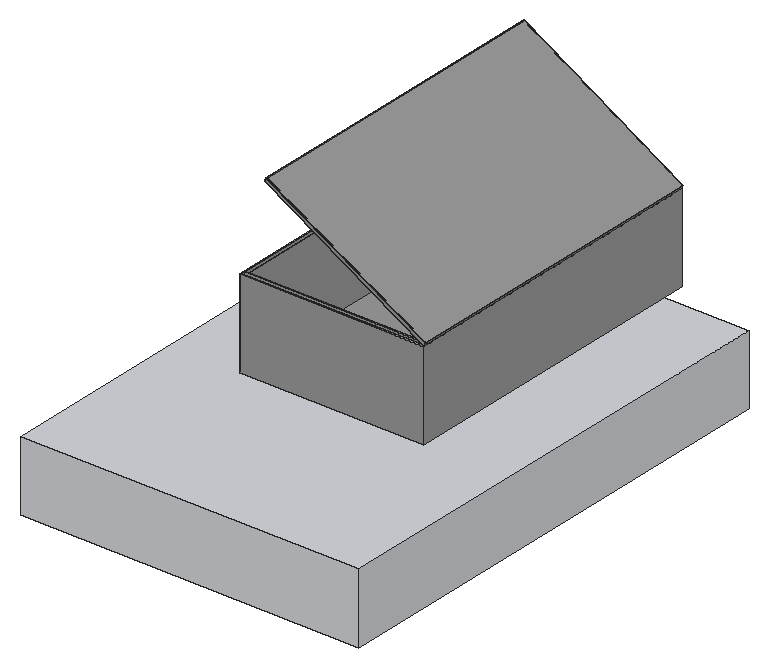
Revit family "Hager-Univers-IP55-D400-H1400-Cl.II-Steel_encl-PT-pt", category Equipement électrique, Revit 2020
Family settings
  Hôte = Face
  Configuration du panneau = Deux colonnes, circuits au sein
  Cote de connecteur circulaire = Utiliser le diamètre
  Type d'élément = Tableau de raccordement
  Couper avec des vides une fois chargée = Non
  Partagée = Non
  Point de calcul de pièce = Non
Parameters (values of type "Montagem em superfície (gesso) IP55 L800 A1400 P400  - FR93H")
  Width Control [instance] = if([EF000008 - Largura] > Min Width, [EF000008 - Largura], Min Width)  # 800 mm
  Commentaires du type = [HG000003 - Gama]  # "Univers"
  Thickness Door [instance] = if([EF009171 - Espessura do material da porta/tampa] > 3 mm, 3 mm, [EF009171 - Espessura do material da porta/tampa])  # 1.5 mm
  Seal Frame Offset [instance] = 17 mm  # constant formula
  Plinth Visibility [instance] = [HG000027 - Altura da Plinta] > 0 mm  # no
  Model = ""
  Min Width [instance] = 100 mm  # constant formula
  Min Height [instance] = 100 mm  # constant formula
  Min Depth [instance] = (2 * [EF009170 - Espessura do material do invólucro]) + 1 mm  # 4 mm
  Internal Frame Depth [instance] = (Door System Depth * 0.5)  # 9 mm
  Height Control [instance] = if([EF000040 - Altura] > Min Height, [EF000040 - Altura], Min Height)  # 1400 mm
  HG000027 - Altura da Plinta = 0 mm
  HG000026 - Instalação no chão = no
  HG000024 - Altura da secção inferior = 800 mm
  HG000023 - Recinto de secção dupla = no
  HG000016 - Visibilidade da porta 3D [instance] = yes
  HG000015 - Visibilidade através da porta [instance] = no
  HG000014 - Porta à direita [instance] = yes
  HG000013 - Porta à esquerda [instance] = not([HG000014 - Porta à direita])  # no
  HG000012 - Ângulo de abertura de porta [instance] = 30.00°
  HG000010 - Portas assimétricas = no
  HG000009 - Porta dupla = no
  HG000006 - Encastrado = no
  HG000004 - Referência do Fabricante = "FR93H"
  HG000003 - Gama = "Univers"
  HG000002 - Com porta ou tampa = yes
  Frame Offset Bottom [instance] = 10 mm  # constant formula
  Frame Offset [instance] = 15 mm  # constant formula
  EF015940 - Tampa com libertação de sobrepressão = no
  EF011959 - Grau de proteção (NEMA) = ""
  EF009554 - Número de aberturas para placas de flange = 6
  Fabricant = "Hager"  # constant formula
  EF009212 - Tipo de tampa = "EV000116 - Fechado"
  EF009171 - Espessura do material da porta/tampa = 1.5 mm
  EF009170 - Espessura do material do invólucro = 1.5 mm
  EF008873 - Corrente nominal (In) = 800 A
  EF007800 - Adequado para proteção contra raios = no
  EF006306 - Com fecho = no
  EF006244 - Tampa/porta transparente = no
  EF005474 - Grau de proteção (IP) = "EV006420 - IP55"
  EF004464 - Tipo de porta = "EV002646 - Único"
  EF004427 - Número de módulos = 324
  EF004293 - Força de impacto = "EV008784 - IK10"
  EF003532 - Adequado para uso no exterior = no
  EF002950 - Largura em número de módulos = 24
  EF001613 - Integridade do circuito = "EV000494 - Nenhum"
  EF001596 - Material do corpo = "EV000179 - Aço"
  EF001131 - Profundidade interior = 400 mm
  EF001088 - Extensão possível = yes
  EF000437 - Número de entradas de condutores = 6
  EF000339 - Tipo de difusor = "EV004216 - Porta"
  EF000266 - Número de linhas = 9
  EF000218 - Profundidade incorporada = 0 mm
  EF000118 - Com tampa de montagem = no
  EF000116 - Número RAL = "7035"
  EF000049 - Profundidade = 400 mm
  EF000040 - Altura = 1400 mm
  EF000008 - Largura = 800 mm
  EF000007 - Cor = "EV000270 - Cinzento"
  EF000003 - Método de montagem = "EV000384 - Montagem em superfície (gesso)"
  Door System Leaf Tolerance [instance] = 1.5 mm  # constant formula
  Door System Depth [instance] = 18 mm  # constant formula
  Door Height [instance] = Height Control - [HG000027 - Altura da Plinta]  # 1400 mm
  Depth Control [instance] = if([EF000049 - Profundidade] > Min Depth, [EF000049 - Profundidade], Min Depth)  # 400 mm
  Default Elevation = 0 mm
  Connector Offset [instance] = Height Control / 2  # 700 mm
  Bottom Top Plate Trim [instance] = 1.5 mm  # constant formula
  Plinth height Ctrl [instance] = if([HG000027 - Altura da Plinta] > 0 mm, [HG000027 - Altura da Plinta], 12 mm)  # 12 mm
Types (3, lengths in mm): name | Width Control | HG000009 - Porta dupla | HG000004 - Referência do Fabricante | EF009554 - Número de aberturas para placas de flange | EF004464 - Tipo de porta | EF004427 - Número de módulos | EF000437 - Número de entradas de condutores | EF000008 - Largura
  Montagem em superfície (gesso) IP55 L1050 A1400 P400  - FR94H | 1050 | yes | "FR94H" | 8 | "EV003602 - Duplo" | 432 | 8 | 1050
  Montagem em superfície (gesso) IP55 L550 A1400 P400  - FR92H | 550 | no | "FR92H" | 4 | "EV002646 - Único" | 216 | 4 | 550
  Montagem em superfície (gesso) IP55 L800 A1400 P400  - FR93H | 800 | no | "FR93H" | 6 | "EV002646 - Único" | 324 | 6 | 800
Reference planes
  plane 1 "Center (Front/Back)": y = 0
  plane 2: z = 0
  plane 3 "Center (Left/Right)": x = 0
  plane 4: z = 400
  plane 5: y = 1.5
  plane 6: y = 700
  plane 7: y = 0
  plane 8: y = 1400
  plane 9: z = 0
  plane 10: x = -385
  plane 11: x = 385
  plane 12: x = 383.5
  plane 13: x = -383.5
  plane 14: y = 1398.5
  plane 15: x = -383
  plane 16: x = -400
  plane 17: x = 383
  plane 18: x = 400
  plane 19: x = 398.5
  plane 20: x = -398.5
  plane 21: y = 11.5
  plane 22: y = 1400
  plane 23: y = 1383.5
  plane 24: z = 382
  plane 25: z = 1.5
  plane 26: z = 380.5
  plane 27: z = 398.5
Forms (mm)
  Extrusion 1, solid
    sketch origin (0, 0, 0) x (1, 0, 0) y (0, 1, 0)
      loop
        line (-702.964, 1305) -> (-702.964, -811.445) -> (766.763, -811.445) -> (766.763, 1305) -> (-702.964, 1305)
    from 0 to -304.8
  Extrusion 2, solid, material "Hager_Steel_RAL7035_Light_Grey", visible <- "Plinth Visibility", detail levels medium+fine
    sketch origin (0, 0, 0) x (1, 0, 0) y (0, 1, 0)
      loop
        line (-400, 0) -> (400, 0) -> (400, 12) -> (-400, 12) -> (-400, 0)
    from 0 to 382
  Extrusion 3, solid, material "Hager_Steel_RAL7035_Light_Grey", detail levels medium+fine
    sketch origin (0, 0, 0) x (1, 0, 0) y (0, 1, 0)
      loop
        line (-400, 0) -> (400, 0) -> (400, 1400) -> (-400, 1400) -> (-400, 0)
    from 0 to 382
  Extrusion 4, void
    sketch origin (0, 0, 0) x (1, 0, 0) y (0, 1, 0)
      loop
        line (-398.5, 1.5) -> (398.5, 1.5) -> (398.5, 1398.5) -> (-398.5, 1398.5) -> (-398.5, 1.5)
    from 1.5 to 380.5
  Extrusion 5, void
    sketch origin (-381.607, -4572, 382) x (0, -1, 0) y (-1, 0, 0)
      loop
        line (-4583.5, 1.893) -> (-5955.5, 1.893) -> (-5955.5, -765.107) -> (-4583.5, -765.107) -> (-4583.5, 1.893)
    from 0 to 1.5 <- "EF009170 - Espessura do material do invólucro"
  Extrusion 6, solid, material "Hager_Steel_RAL7035_Light_Grey", detail levels fine
    sketch origin (0, 0, 382) x (1, 0, 0) y (0, 1, 0)
      loop
        line (-383.5, 1383.5) -> (-383.5, 11.5) -> (383.5, 11.5) -> (383.5, 1383.5) -> (-383.5, 1383.5)
      loop
        line (-385, 10) -> (385, 10) -> (385, 1385) -> (-385, 1385) -> (-385, 10)
    from 0 to 9 <- "Internal Frame Depth"
  Extrusion 7, solid, material "Hager_Steel_RAL7035_Light_Grey", detail levels coarse
    sketch origin (0, 0, 0) x (1, 0, 0) y (0, 1, 0)
      loop
        line (-400, 0) -> (400, 0) -> (400, 1400) -> (-400, 1400) -> (-400, 0)
    from 0 to 400
  Sweep 8, void
    path in 3D
      loop
        line (-400, 12, 0) -> (400, 12, 0) -> (400, 12, 382) -> (-400, 12, 382) -> (-400, 12, 0)
    profile origin (-400, 12, 191) x (-1, 0, 0) y (0, -1, 0)
      loop
        line (0, 0) -> (0, 1.5) -> (-1.5, 1.5)
        arc (-1.5, 1.5) -> (-1.061, 0.439) -> (0, 0) r 1.5
Cuts and joins
  Extrusion 4, Extrusion 5 cuts Extrusion 3
  Sweep 8 cuts Extrusion 2
Lines and regions (mm)
  Masking region 1
    outline origin (0, 0, 0) x (1, 0, 0) y (0, 0, 1)
      loop
        line (-400, 400) -> (-400, 0) -> (400, 0) -> (400, 400) -> (-400, 400)
  Masking region 2, detail levels medium+fine
    outline origin (0, 140, 0) x (0, 1, 0) y (0, 0, 1)
      loop
        line (-140, 0) -> (1260, 0) -> (1260, 382) -> (-140, 382) -> (-140, 0)
  Masking region 3, not visible, detail levels medium+fine
    outline origin (0, 297.922, 0) x (0, 1, 0) y (0, 0, 1)
      loop
        line (413.578, 0) -> (453.578, 0) -> (453.578, 388.5)
        arc (453.578, 388.5) -> (450.649, 395.571) -> (443.578, 398.5) r 10
        line (443.578, 398.5) -> (413.578, 398.5) -> (413.578, 0)
  Masking region 4, detail levels coarse
    outline origin (0, 0, 180) x (0, 1, 0) y (0, 0, 1)
      loop
        line (0, -180) -> (1400, -180) -> (1400, 220) -> (0, 220) -> (0, -180)
  Masking region 5, visible <- "Plinth Visibility", detail levels medium+fine
    outline origin (0, 52.24, 12.345) x (0, 0, -1) y (0, 1, 0)
      loop
        line (10.845, -40.24) -> (-368.155, -40.24)
        arc (-368.155, -40.24) -> (-368.594, -41.301) -> (-369.655, -41.74) r 1.5
        line (-369.655, -41.74) -> (-369.655, -52.24) -> (12.345, -52.24) -> (12.345, -41.74)
        arc (12.345, -41.74) -> (11.285, -41.301) -> (10.845, -40.24) r 1.5
  Masking region 6, detail levels medium+fine
    outline origin (-381.607, -4572, 382) x (-1, 0, 0) y (0, -1, 0)
      loop
        line (18.393, -5972) -> (18.393, -4572) -> (-781.607, -4572) -> (-781.607, -5972) -> (18.393, -5972)
  Masking region 7, visible <- "Plinth Visibility", detail levels medium+fine
    outline origin (-381.607, -4727, 382) x (-1, 0, 0) y (0, -1, 0)
      loop
        arc (16.893, -4739) -> (17.332, -4737.939) -> (18.393, -4737.5) r 1.5
        line (18.393, -4737.5) -> (18.393, -4727) -> (-781.607, -4727) -> (-781.607, -4737.5)
        arc (-781.607, -4737.5) -> (-780.546, -4737.939) -> (-780.107, -4739) r 1.5
        line (-780.107, -4739) -> (16.893, -4739)
  Masking region 8, detail levels coarse
    outline origin (-442.548, -4669.526, 382) x (-1, 0, 0) y (0, -1, 0)
      loop
        line (-42.548, -6069.526) -> (-42.548, -4669.526) -> (-842.548, -4669.526) -> (-842.548, -6069.526) -> (-42.548, -6069.526)
  sketch lines
    curve 1: line (-400, 12, 382) -> (-400, 12, 0)
    curve 2: line (400, 12, 382) -> (-400, 12, 382)
    curve 3: line (400, 12, 382) -> (400, 12, 0)
    curve 4: line (-400, 12, 0) -> (400, 12, 0)
Dimensions and locks
  "Depth Control": plane 4 to Extrusion 1
  "HG000027 - Altura da Plinta": plane 1 "Center (Front/Back)" to plane 7
  "EF009170 - Espessura do material do invólucro": plane 5 to plane 7
  locked: connector elem to plane 3 "Center (Left/Right)"
  equal spacing: plane 8, plane 6, plane 7
  locked: connector elem to plane 6
  "EF009170 - Espessura do material do invólucro": plane 8 to plane 14
  "EF009170 - Espessura do material do invólucro": plane 10 to plane 13
  "EF009170 - Espessura do material do invólucro": plane 12 to plane 11
  "Frame Offset": plane 20 to plane 13
  "Frame Offset": plane 12 to plane 19
  "EF009170 - Espessura do material do invólucro": plane 16 to plane 20
  "EF009170 - Espessura do material do invólucro": plane 19 to plane 18
  "Seal Frame Offset": plane 16 to plane 15
  "Seal Frame Offset": plane 17 to plane 18
  "Frame Offset Bottom": plane 21 to plane 5
  "Frame Offset": plane 14 to plane 23
  equal spacing: plane 16, plane 3 "Center (Left/Right)", plane 18
  "Width Control": plane 16 to plane 18
  "EF009170 - Espessura do material do invólucro": plane 4 to plane 27
  "EF009170 - Espessura do material do invólucro": plane 24 to plane 26
  "EF009170 - Espessura do material do invólucro": plane 25 to level
  "Door System Depth": plane 4 to plane 24
  "Height Control": plane 1 "Center (Front/Back)" to Extrusion 7 sketch curve
  "Height Control": Masking region 4 sketch curve to plane 1 "Center (Front/Back)"
  "Height Control": plane 1 "Center (Front/Back)" to plane 22
  "Bottom Top Plate Trim": profile plane to Sweep 8 sketch curve
  "Bottom Top Plate Trim": Sweep 8 sketch curve to profile plane
  "Plinth height Ctrl": plane 1 "Center (Front/Back)" to Extrusion 2 sketch curve
  "Plinth height Ctrl": Masking region 5 sketch curve to plane 1 "Center (Front/Back)"
  "Plinth height Ctrl": plane 1 "Center (Front/Back)" to Masking region 7 sketch curve
  "Thickness Door": Extrusion 6 sketch curve to Extrusion 6 sketch curve  (x3)
  "Thickness Door": cut or joined group of Extrusion 3, Extrusion 4, Extrusion 5 to Extrusion 6 sketch curve
  radius of Masking region 3 sketch curve = 10 mm
  "Bottom Top Plate Trim": radius of Masking region 5 sketch curve  (x2)
  "Bottom Top Plate Trim": radius of Sweep 8 sketch curve
  "Bottom Top Plate Trim": radius of Masking region 7 sketch curve  (x2)
  aligned and locked: plane 2 to Extrusion 1
  aligned and locked: level to Extrusion 1
  aligned and locked: level to Masking region 1 sketch curve
  aligned and locked: Masking region 1 sketch curve to plane 18
  aligned and locked: Masking region 1 sketch curve to plane 16
  aligned and locked: plane 7 to Masking region 2 sketch curve
  aligned and locked: level to Masking region 3 sketch curve
  aligned and locked: Masking region 3 sketch curve to plane 27
  aligned and locked: level to Masking region 2 sketch curve
  aligned and locked: plane 1 "Center (Front/Back)" to Extrusion 2 sketch curve
  aligned and locked: Extrusion 3 sketch curve to plane 7
  aligned and locked: plane 16 to Extrusion 3 sketch curve
  aligned and locked: plane 18 to Extrusion 3 sketch curve
  aligned and locked: plane 20 to Extrusion 4 sketch curve
  aligned and locked: plane 19 to Extrusion 4 sketch curve
  aligned and locked: Extrusion 4 sketch curve to plane 5
  aligned and locked: Extrusion 4 to plane 25
  aligned and locked: plane 26 to Extrusion 4
  aligned and locked: plane 24 to Extrusion 3
  aligned and locked: Extrusion 5 sketch curve to plane 21
  aligned and locked: Extrusion 5 sketch curve to plane 13
  aligned and locked: Extrusion 5 sketch curve to plane 12
  aligned and locked: plane 18 to Extrusion 7 sketch curve
  aligned and locked: plane 1 "Center (Front/Back)" to Extrusion 7 sketch curve
  aligned and locked: plane 16 to Extrusion 7 sketch curve
  aligned and locked: plane 4 to Extrusion 7
  aligned and locked: Extrusion 7 to level
  aligned and locked: level to Masking region 4 sketch curve
  aligned and locked: Masking region 4 sketch curve to plane 1 "Center (Front/Back)"
  aligned and locked: Masking region 4 sketch curve to plane 4
  aligned and locked: nested 1 to level
  aligned and locked: nested 1 to plane 16
  aligned and locked: plane 8 to Extrusion 3 sketch curve
  aligned and locked: plane 23 to Extrusion 5 sketch curve
  aligned and locked: plane 14 to Extrusion 4 sketch curve
  aligned and locked: Masking region 2 sketch curve to plane 8
  aligned and locked: level to Masking region 5 sketch curve
  aligned and locked: plane 16 to Extrusion 2 sketch curve
  aligned and locked: plane 18 to Extrusion 2 sketch curve
  aligned and locked: Masking region 5 sketch curve to plane 24
  aligned and locked: Masking region 2 sketch curve to plane 24
  aligned and locked: plane 24 to Extrusion 2
  aligned and locked: profile plane to Sweep 8 sketch curve  (x2)
  aligned and locked: Masking region 6 sketch curve to plane 18
  aligned and locked: Masking region 6 sketch curve to plane 22
  aligned and locked: Masking region 6 sketch curve to plane 16
  aligned and locked: plane 8 to plane 22
  aligned and locked: Masking region 6 sketch curve to plane 7
  aligned and locked: Masking region 7 sketch curve to plane 16
  aligned and locked: Masking region 7 sketch curve to plane 1 "Center (Front/Back)"
  aligned and locked: Masking region 7 sketch curve to plane 18
  aligned and locked: Masking region 8 sketch curve to plane 1 "Center (Front/Back)"
  aligned and locked: Masking region 8 sketch curve to plane 18
  aligned and locked: Masking region 8 sketch curve to plane 22
  aligned and locked: Masking region 8 sketch curve to plane 16
  aligned and locked: nested 2 to plane 7
  aligned and locked: plane 3 "Center (Left/Right)" to nested 2
  aligned and locked: nested 2 to plane 24
  aligned and locked: Extrusion 6 sketch curve to cut or joined group of Extrusion 3, Extrusion 4, Extrusion 5  (x4)
Automatic sketch dimensions
  Extrusion 1 sketch curve to Extrusion 1 sketch curve = 1469.727 mm
  Extrusion 1 sketch curve to Extrusion 1 sketch curve = 2116.445 mm
  Masking region 1 sketch curve to plane 4 = 0 mm
  plane 6 to Masking region 3 sketch curve = 11.5 mm
  Masking region 3 sketch curve to Masking region 3 sketch curve = 30 mm
  Masking region 5 sketch curve to plane 1 "Center (Front/Back)" = 0 mm
Nested families
  nested 1: "Hager_Enclosure_Symbol" at (-400, 0, 0) x (1, 0, 0) z (0, -1, 0), Height <- "Depth Control", Width <- "Width Control", type "Hager_Enclosure_Symbol"
    with Width_Ctrl 800 mm, Width 800 mm, Height_Ctrl 400 mm, Height 400 mm, A_Width_Int 26.25 mm, A_Width 315 mm, A_Height_Ctrl 350 mm, A_Height 350 mm
  nested 2: "EC000058_Univers_Door" at (0, 0, 382) x (1, 0, 0) z (0, 1, 0), Leaf_Tolerance <- "Door System Leaf Tolerance", Angle <- "HG000012 - Ângulo de abertura de porta", Door_Depth <- "Door System Depth", Door_Left <- "HG000013 - Porta à esquerda", Transparent <- "EF006244 - Tampa/porta transparente", Assymetrical <- "HG000010 - Portas assimétricas", Width <- "Width Control", Clearance <- "HG000015 - Visibilidade através da porta", Double <- "HG000009 - Porta dupla", 3d_Door <- "HG000016 - Visibilidade da porta 3D", Lock_Visibility <- "EF006306 - Com fecho", Width_Ctrl <- "Width Control", Door_Right <- "HG000014 - Porta à direita", Door <- "HG000002 - Com porta ou tampa", Height <- "Door Height", Thickness <- "Thickness Door", type "EC000058_Univers_Door", detail levels medium+fine
    with min_wh 4 mm, Width_Ctrl 800 mm, Width 800 mm, Transparent no, Thickness 1.5 mm, Seal_Material Hager_Rubber, Lock_Visibility no, Lock_Material Hager_Plastic_RAL9005_Jet_Black, Leaf_Width 800 mm, Leaf_Tolerance_External_Sides 0 mm, Leaf_Tolerance 1.5 mm, Leaf_Offset 0 mm, Leaf_Height 1397 mm, Leaf_2_Width 800 mm, Leaf_2_Offset 400 mm, Leaf_1_Width 800 mm, Leaf_1_Offset 400 mm, Height_Ctrl 1400 mm, Height 1400 mm, Glass_Material Hager_Glass, Double_Clearance_Ctrl no, Double no, Door_Right_Ctrl yes, Door_Right yes, Door_Material Hager_Steel_RAL7035_Light_Grey, Door_Left_Ctrl no, Door_Left no, Door_Depth 18 mm, Door yes, Clearance_Material Hager_Clearance, Clearance_Depth 800 mm, Clearance_Ctrl no, Clearance no, Assymetrical no, Angle 30.00°, 3d_Door yes
Connectors
  electrical at (0, 700, 0)
    settings: on plane 9, index 1, voltage 0 V, apparent load 0 VA, apparent load phase1 0 VA, apparent load phase2 0 VA, apparent load phase3 0 VA, power factor 1, load classification "Other", number of poles 1, system type 30, power factor state 1, is connector primary yes, connector utility no, sub classification motor no, connector description ""
Definition of nested family "EC000058_Univers_Door"
  Parameters (values of type "EC000058_Univers_Door")
    min_wh [instance] = (2 * Thickness) + 1 mm  # 11 mm
    Width_Ctrl [instance] = 400 mm
    Width [instance] = 500 mm
    Transparent [instance] = yes
    Thickness [instance] = 5 mm
    Seal_Material [instance] = none
    Lock_Visibility [instance] = yes
    Lock_Material [instance] = none
    Leaf_Width [instance] = if((Width_Ctrl - 2 * Leaf_Tolerance_External_Sides) > 0 mm, (Width_Ctrl - 2 * Leaf_Tolerance_External_Sides), min_wh)  # 400 mm
    Leaf_Tolerance_External_Sides [instance] = 0 mm  # constant formula
    Leaf_Tolerance [instance] = 1.5 mm
    Leaf_Offset [instance] = 0 mm  # constant formula
    Leaf_Height [instance] = if((Height_Ctrl - 2 * Leaf_Tolerance) > 0 mm, (Height_Ctrl - 2 * Leaf_Tolerance), min_wh)  # 497 mm
    Leaf_2_Width [instance] = if(and(and(Double, Assymetrical), Door_Left), (Leaf_Width / 3) - (Leaf_Tolerance / 2), if(and(and(Double, Assymetrical), Door_Right), (Leaf_Width / 3) * 2 - (Leaf_Tolerance / 2), if(and(Double, not(Assymetrical)), (Leaf_Width / 2) - Leaf_Tolerance, Leaf_Width)))  # 400 mm
    Leaf_2_Offset [instance] = if(and(Double, Assymetrical), Leaf_2_Width / 2, if(and(Double, not(Assymetrical)), Leaf_Width / 4, Leaf_Width / 2))  # 200 mm
    Leaf_1_Width [instance] = if(and(and(Double, Assymetrical), Door_Right), (Leaf_Width / 3) - (Leaf_Tolerance / 2), if(and(and(Double, Assymetrical), Door_Left), (Width / 3) * 2 - (Leaf_Tolerance / 2), if(and(Double, not(Assymetrical)), (Leaf_Width / 2) - Leaf_Tolerance, Leaf_Width)))  # 400 mm
    Leaf_1_Offset [instance] = if(and(Double, Assymetrical), Leaf_1_Width / 2, if(and(Double, not(Assymetrical)), Leaf_Width / 4, Leaf_Width / 2))  # 200 mm
    Height_Ctrl [instance] = if(Height > min_wh, Height, min_wh)  # 500 mm
    Height [instance] = 500 mm
    Glass_Material [instance] = none
    Double_Clearance_Ctrl [instance] = and(Double, Clearance)  # no
    Double [instance] = no
    Door_Right_Ctrl [instance] = and(or(Door_Right, Double), Door)  # yes
    Door_Right [instance] = yes
    Door_Material [instance] = none
    Door_Left_Ctrl [instance] = and(or(Door_Left, Double), Door)  # no
    Door_Left [instance] = no
    Door_Depth [instance] = 30 mm
    Door [instance] = yes
    Default Elevation = 1219.2 mm
    Clearance_Material [instance] = none
    Clearance_Depth [instance] = if(Leaf_1_Width > Leaf_2_Width, Leaf_1_Width, Leaf_2_Width)  # 400 mm
    Clearance_Ctrl [instance] = and(not(Double), Clearance)  # yes
    Clearance [instance] = yes
    Assymetrical [instance] = yes
    Angle [instance] = 30.00°
    3d_Door [instance] = yes
  Reference planes
    plane 1 "Center (Front/Back)": y = 0
    plane 2 "Bottom": z = 0
    plane 3 "Center (Left/Right)": x = 0
    plane 4: z = 500
    plane 5: x = -200
    plane 6: x = 200
    plane 7: z = 500
    plane 8: x = -200
    plane 9: z = 0
    plane 10: x = 200
    plane 11: y = 0
    plane 12: z = 1.5
    plane 13: x = -600
    plane 14: y = -400
    plane 15: x = 600
    plane 16: x = 0
    plane 17: x = 0
    plane 18: x = -200
    plane 19: x = 200
    plane 20: z = 498.5
  Forms (mm)
    Extrusion 1, solid, material <- "Clearance_Material", visible <- "Double_Clearance_Ctrl"
      sketch origin (1200, 0, 0) x (1, 0, 0) y (0, 0, -1)
        loop
          line (-1800, -498.5) -> (-600, -498.5) -> (-600, 0) -> (-1800, 0) -> (-1800, -498.5)
      from 0 to -400
  Dimensions and locks
    equal spacing: plane 5, plane 3 "Center (Left/Right)", plane 6
    "Width_Ctrl": plane 5 to plane 6
    "Leaf_Offset": plane 5 to plane 8
    "Leaf_Offset": plane 6 to plane 10
    "Leaf_Offset": plane 9 to level
    "Leaf_Offset": plane 4 to plane 7
    "Height_Ctrl": plane 4 to level
    "Leaf_Tolerance": plane 12 to plane 9
    locked: plane 11 to plane 1 "Center (Front/Back)"
    "Leaf_1_Offset": plane 18 to plane 16
    "Leaf_2_Offset": plane 17 to plane 19
    "Leaf_1_Width": plane 13 to plane 8
    "Leaf_2_Width": plane 10 to plane 15
    "Clearance_Depth": plane 14 to plane 1 "Center (Front/Back)"
    "Leaf_Tolerance_External_Sides": plane 8 to plane 18
    "Leaf_Tolerance_External_Sides": plane 19 to plane 10
    "Leaf_Tolerance": plane 7 to plane 20
    aligned and locked: level to plane 2 "Bottom"
    aligned and locked: nested 1 to plane 16
    aligned and locked: nested 2 to plane 17
    aligned and locked: Extrusion 1 to plane 13
    aligned and locked: plane 15 to Extrusion 1
    aligned and locked: Extrusion 1 to plane 14
    aligned and locked: plane 12 to nested 1
    aligned and locked: nested 2 to plane 12
    aligned and locked: Extrusion 1 to plane 11
    aligned and locked: plane 20 to Extrusion 1
    aligned and locked: nested 2 to plane 11
    aligned and locked: nested 1 to plane 11
  Automatic sketch dimensions
    Extrusion 1 sketch curve to level = 0 mm
    plane 5 to Extrusion 1 sketch curve = 400 mm
    plane 6 to Extrusion 1 sketch curve = 400 mm
    Extrusion 1 sketch curve to plane 4 = 1.5 mm
  Nested families
    nested 1: "EC000058_Univers_Door_Leaf" at (0, 0, 1.5), Width <- "Leaf_1_Width", visible <- "Door_Left_Ctrl", Leaf_Height <- "Leaf_Height", Angle <- "Angle", 3d_Door <- "3d_Door", Transparent <- "Transparent", Clearance Material <- "Clearance_Material", Clearance <- "Clearance_Ctrl", Door_Material <- "Door_Material", Glass_Material <- "Glass_Material", Door_Depth <- "Door_Depth", Lock_Material <- "Lock_Material", Seal_Material <- "Seal_Material", Lock_Visibility <- "Lock_Visibility", Thickness <- "Thickness", type "EC000058_Univers_Door_Leaf"
      with Width 400 mm, Transparent_Glass_Offset 30 mm, Transparent_Ctrl yes, Transparent yes, Thickness 5 mm, Standard no, Seal_Material none, Seal_D2 8 mm, Seal_D1 1 mm, Offset_Internal_Frame 10 mm, Lock_Width 20 mm, Lock_Visibility_3d yes, Lock_Visibility yes, Lock_Thickness_3 3 mm, Lock_Thickness_2 1 mm, Lock_Thickness_1 3 mm, Lock_Radius_Offset_2 16 mm, Lock_Radius_Offset_1 15 mm, Lock_Radius_2 5 mm, Lock_Radius 6 mm, Lock_Offset 5 mm, Lock_Material none, Lock_Height 80 mm, Lock_Cover_Top_Offset_2d 17 mm, Lock_Cover_Height -65 mm, Leaf_Height 497 mm, Internal_Seal_Thickness 8 mm, Internal_Seal_Depth_2 4.5 mm, Internal_Frame_Depth 25 mm, Glass_Thickness -1 mm, Glass_Offset -2 mm, Glass_Material none, Door_Material none, Door_Depth 30 mm, Clearance Material none, Clearance yes, Angle_Ctrl 30.00°, Angle 30.00°, 3d_Door yes
    nested 2: "EC000058_Univers_Door_Leaf" at (0, 0, 1.5) x (-1, 0, 0) z (0, 0, 1), Width <- "Leaf_2_Width", visible <- "Door_Right_Ctrl", Leaf_Height <- "Leaf_Height", Angle <- "Angle", 3d_Door <- "3d_Door", Transparent <- "Transparent", Clearance Material <- "Clearance_Material", Clearance <- "Clearance_Ctrl", Door_Material <- "Door_Material", Glass_Material <- "Glass_Material", Door_Depth <- "Door_Depth", Lock_Material <- "Lock_Material", Seal_Material <- "Seal_Material", Lock_Visibility <- "Lock_Visibility", Thickness <- "Thickness", type "EC000058_Univers_Door_Leaf"
      with Width 400 mm, Transparent_Glass_Offset 30 mm, Transparent_Ctrl yes, Transparent yes, Thickness 5 mm, Standard no, Seal_Material none, Seal_D2 8 mm, Seal_D1 1 mm, Offset_Internal_Frame 10 mm, Lock_Width 20 mm, Lock_Visibility_3d yes, Lock_Visibility yes, Lock_Thickness_3 3 mm, Lock_Thickness_2 1 mm, Lock_Thickness_1 3 mm, Lock_Radius_Offset_2 16 mm, Lock_Radius_Offset_1 15 mm, Lock_Radius_2 5 mm, Lock_Radius 6 mm, Lock_Offset 5 mm, Lock_Material none, Lock_Height 80 mm, Lock_Cover_Top_Offset_2d 17 mm, Lock_Cover_Height -65 mm, Leaf_Height 497 mm, Internal_Seal_Thickness 8 mm, Internal_Seal_Depth_2 4.5 mm, Internal_Frame_Depth 25 mm, Glass_Thickness -1 mm, Glass_Offset -2 mm, Glass_Material none, Door_Material none, Door_Depth 30 mm, Clearance Material none, Clearance yes, Angle_Ctrl 30.00°, Angle 30.00°, 3d_Door yes
  Definition of nested family "EC000058_Univers_Door_Leaf"
    Parameters (values of type "EC000058_Univers_Door_Leaf")
      Width [instance] = 2000 mm
      Transparent_Glass_Offset [instance] = 30 mm
      Transparent_Ctrl [instance] = and(Transparent, [3d_Door])  # yes
      Transparent [instance] = yes
      Thickness [instance] = 5 mm
      Standard [instance] = and(not(Transparent), [3d_Door])  # no
      Seal_Material [instance] = none
      Seal_D2 [instance] = 8 mm  # constant formula
      Seal_D1 [instance] = 1 mm  # constant formula
      Offset_Internal_Frame [instance] = 10 mm  # constant formula
      Lock_Width [instance] = 20 mm  # constant formula
      Lock_Visibility_3d [instance] = and(Lock_Visibility, [3d_Door])  # yes
      Lock_Visibility [instance] = yes
      Lock_Thickness_3 [instance] = 3 mm  # constant formula
      Lock_Thickness_2 [instance] = 1 mm  # constant formula
      Lock_Thickness_1 [instance] = 3 mm  # constant formula
      Lock_Radius_Offset_2 [instance] = Lock_Radius_Offset_1 + 1 mm  # 16 mm
      Lock_Radius_Offset_1 [instance] = 15 mm  # constant formula
      Lock_Radius_2 [instance] = Lock_Radius - 1 mm  # 5 mm
      Lock_Radius [instance] = 6 mm  # constant formula
      Lock_Offset [instance] = 5 mm  # constant formula
      Lock_Material [instance] = none
      Lock_Height [instance] = 80 mm  # constant formula
      Lock_Cover_Top_Offset_2d [instance] = Lock_Radius_Offset_2 + 1 mm  # 17 mm
      Lock_Cover_Height [instance] = -(Lock_Height - Lock_Radius_Offset_1)  # -65 mm
      Leaf_Height [instance] = 2720.336 mm
      Internal_Seal_Thickness [instance] = 8 mm  # constant formula
      Internal_Seal_Depth_2 [instance] = 4.5 mm  # constant formula
      Internal_Frame_Depth [instance] = if(Door_Depth - Thickness > 5 mm, Door_Depth - Thickness, 5 mm)  # 25 mm
      Glass_Thickness [instance] = if(Thickness > 15 mm, Glass_Offset + 10 mm, -1 mm)  # -1 mm
      Glass_Offset [instance] = if(Thickness > 15 mm, -(Thickness + 10 mm) / 2, -2 mm)  # -2 mm
      Glass_Material [instance] = none
      Door_Material [instance] = none
      Door_Depth [instance] = 30 mm
      Default Elevation = 0 mm
      Clearance Material [instance] = none
      Clearance [instance] = yes
      Angle_Ctrl [instance] = if(Angle > 180.00°, 180.00°, Angle)  # 90.00°
      Angle [instance] = 90.00°
      3d_Door [instance] = yes
    Reference planes
      plane 1 "Center (Front/Back)": y = 0
      plane 2: z = 0
      plane 3 "Center (Left/Right)": x = 0
      plane 4: y = 2000
      plane 5: x = -1000
      plane 6: x = 1000
      plane 7: x = -3000
      plane 8: z = 2720.336
      plane 9: z = 30
      plane 10: z = 2690.336
      plane 11: x = 970
      plane 12: x = -970
      plane 13: y = -3
      plane 14: z = 107.833
      plane 15: y = -5
      plane 16: y = -223.314
      plane 17: x = -1000
      plane 18: z = 1360.168
      plane 19: y = 30
    Forms (mm)
      Extrusion 1, solid, material <- "Clearance Material", visible <- "Clearance"
        sketch origin (0, 0, 0) x (1, 0, 0) y (0, 0, 1)
          loop
            line (-3000, 2720.336) -> (-3000, 0) -> (1000, 0) -> (1000, 2720.336) -> (-3000, 2720.336)
        from 0 to -2000
      Extrusion 2, solid, material <- "Door_Material", visible <- "Standard", detail levels medium+fine
        sketch origin (-1000, 0, 0) x (0, 1, 0) y (-1, 0, 0)
          loop
            line (0, 30) -> (0, 25) -> (2000, 25) -> (2000, 30) -> (0, 30)
        from 0 to 2720.336 <- "Leaf_Height"
      Extrusion 3, solid, material <- "Door_Material", visible <- "Transparent_Ctrl", detail levels medium+fine
        sketch origin (-1000, 0, 0) x (0, 1, 0) y (-1, 0, 0)
          loop
            line (0, 25) -> (2000, 25) -> (2000, 30) -> (0, 30) -> (0, 25)
        from 0 to 2720.336 <- "Leaf_Height"
      Extrusion 4, void
        sketch origin (-1025, 2000, 0) x (0, 1, 0) y (0, 0, -1)
          loop
            line (-30, -2690.336) -> (-30, -30) -> (-1970, -30) -> (-1970, -2690.336) -> (-30, -2690.336)
        from 0 to 5 <- "Thickness"
      Sweep 5, solid, material <- "Seal_Material", visible <- "Transparent_Ctrl", detail levels fine
        path in 3D
          loop
            line (-1025, 30, 30) -> (-1025, 30, 2690.336) -> (-1025, 1970, 2690.336) -> (-1025, 1970, 30) -> (-1025, 30, 30)
        profile origin (-1025, 1000, 30) x (1, 0, 0) y (0, 0, 1)
          loop
            line (0, 0) -> (0, -8) -> (1, -8) -> (1, 0) -> (0, 0)
      Extrusion 6, solid, material <- "Glass_Material", visible <- "Transparent_Ctrl", detail levels medium+fine
        sketch origin (-1030, 0, 0) x (0, 1, 0) y (0, 0, -1)
          loop
            line (1970, -2690.336) -> (1970, -30) -> (30, -30) -> (30, -2690.336) -> (1970, -2690.336)
        from -2 <- "Glass_Offset" to -1 <- "Glass_Thickness"
      Extrusion 7, solid, material <- "Door_Material", visible <- "3d_Door", detail levels medium+fine
        sketch origin (-1025, 2000, 0) x (0, -1, 0) y (0, 0, -1)
          loop
            line (0, -2720.336) -> (2000, -2720.336) -> (2000, 0) -> (0, 0) -> (0, -2720.336)
          loop
            line (1995, -5) -> (5, -5) -> (5, -2715.336) -> (1995, -2715.336) -> (1995, -5)
        from 0 to 25 <- "Internal_Frame_Depth"
      Sweep 8, solid, material <- "Seal_Material", visible <- "Transparent_Ctrl", detail levels fine
        path in 3D
          loop
            line (-1025, 0, 0) -> (-1025, 2000, 0) -> (-1025, 2000, 2720.336) -> (-1025, 0, 2720.336) -> (-1025, 0, 0)
        profile origin (-1025, 0, 1360.168) x (1, 0, 0) y (0, 1, 0)
          loop
            line (0, 10) -> (2.975, 10)
            arc (2.975, 10) -> (4.053, 10.447) -> (4.5, 11.525) r 1.525
            line (4.5, 11.525) -> (4.5, 16.527)
            arc (4.5, 16.527) -> (4.069, 17.569) -> (3.027, 18) r 1.473
            line (3.027, 18) -> (0, 18) -> (0, 10)
      Extrusion 9, solid, material <- "Lock_Material", visible <- "Lock_Visibility_3d", detail levels fine
        sketch origin (-1030, 0, 0) x (0, 1, 0) y (0, 0, -1)
          loop
            arc (1993.5, -1400.168) -> (1994.561, -1399.729) -> (1995, -1398.668) r 1.5
            line (1995, -1398.668) -> (1995, -1320.168) -> (1975, -1320.168) -> (1975, -1398.668)
            arc (1975, -1398.668) -> (1975.439, -1399.729) -> (1976.5, -1400.168) r 1.5
            line (1976.5, -1400.168) -> (1993.5, -1400.168)
        from 3 <- "Lock_Thickness_1" to 0
      Blend 10, solid, material <- "Lock_Material", visible <- "Lock_Visibility_3d", detail levels fine
        base sketch origin (-1033, 0, 0) x (0, 1, 0) y (0, 0, -1)
          loop
            line (1975, -1320.168) -> (1975, -1398.668)
            arc (1975, -1398.668) -> (1975.439, -1399.729) -> (1976.5, -1400.168) r 1.5
            line (1976.5, -1400.168) -> (1993.5, -1400.168)
            arc (1993.5, -1400.168) -> (1994.561, -1399.729) -> (1995, -1398.668) r 1.5
            line (1995, -1398.668) -> (1995, -1320.168) -> (1975, -1320.168)
        top sketch origin (-1033, 0, 0) x (0, 1, 0) y (0, 0, -1)
          loop
            line (1976, -1320.168) -> (1976, -1398.668)
            arc (1976, -1398.668) -> (1976.146, -1399.022) -> (1976.5, -1399.168) r 0.5
            line (1976.5, -1399.168) -> (1993.5, -1399.168)
            arc (1993.5, -1399.168) -> (1993.854, -1399.022) -> (1994, -1398.668) r 0.5
            line (1994, -1398.668) -> (1994, -1320.168) -> (1976, -1320.168)
        from 0 to 1 <- "Lock_Thickness_2"
      Blend 11, solid, material <- "Lock_Material", visible <- "Lock_Visibility_3d", detail levels fine
        base sketch origin (-1034, 0, 0) x (0, 1, 0) y (0, 0, -1)
          loop
            line (1978, -1320.168) -> (1978, -1384.168)
            arc (1978, -1384.168) -> (1985, -1391.168) -> (1992, -1384.168) r 7
            line (1992, -1384.168) -> (1992, -1320.168) -> (1978, -1320.168)
        top sketch origin (-1034, 0, 0) x (0, 1, 0) y (0, 0, -1)
          loop
            line (1991, -1320.168) -> (1979, -1320.168) -> (1979, -1383.168)
            arc (1979, -1383.168) -> (1985, -1389.168) -> (1991, -1383.168) r 6
            line (1991, -1383.168) -> (1991, -1320.168)
        from 0 to 3 <- "Lock_Thickness_3"
      Extrusion 12, solid, material <- "Lock_Material", visible <- "Lock_Visibility_3d", detail levels fine
        sketch origin (-1030, 1975, 1320.168) x (1, 0, 0) y (0, -1, 0)
          loop
            line (-7, -19) -> (-7, -1) -> (0, -1) -> (0, 0) -> (-8, 0) -> (-8, -20) -> (0, -20) -> (0, -19) -> (-7, -19)
        from 0 to -65 <- "Lock_Cover_Height"
      Extrusion 13, void
        sketch origin (-1038, 1995, 1320.168) x (-1, 0, 0) y (0, 0, -1)
          loop
            line (-5, -65) -> (0, -65) -> (-5, -60) -> (-5, -65)
        from 0 to 20 <- "Lock_Width"
      Extrusion 14, void
        sketch origin (-1038, 1975, 1320.168) x (0, -1, 0) y (0, 0, -1)
          loop
            circle (-10, -15.995) r 6
          loop
            circle (-10, -15.995) r 5
        from 0 to 2
      Extrusion 15, solid, material <- "Lock_Material", visible <- "Lock_Visibility_3d", detail levels medium
        sketch origin (-1030, 0, 0) x (0, 1, 0) y (0, 0, -1)
          loop
            arc (1993.5, -1400.168) -> (1994.561, -1399.729) -> (1995, -1398.668) r 1.5
            line (1995, -1398.668) -> (1995, -1320.168) -> (1975, -1320.168) -> (1975, -1398.668)
            arc (1975, -1398.668) -> (1975.439, -1399.729) -> (1976.5, -1400.168) r 1.5
            line (1976.5, -1400.168) -> (1993.5, -1400.168)
        from 8 to 0
    Cuts and joins
      Extrusion 4 cuts Extrusion 3
      Extrusion 13, Extrusion 14 cuts Extrusion 9
      Extrusion 14 cuts Blend 11
      Extrusion 13, Extrusion 14 cuts Extrusion 12
      joined: Extrusion 9, Blend 10, Blend 11, Extrusion 12
      Extrusion 14 cuts Extrusion 15
    Lines and regions (mm)
      Masking region 1, visible <- "Lock_Visibility", detail levels fine
        outline origin (0, 0, 0) x (0, 1, 0) y (0, 0, 1)
          loop
            line (30, 1320.168) -> (33, 1320.168) -> (33, 1400.168) -> (30, 1400.168) -> (30, 1320.168)
      Masking region 2, visible <- "Lock_Visibility", detail levels fine
        outline origin (0, 3.143, 0) x (0, 1, 0) y (0, 0, 1)
          loop
            line (29.857, 1354.168) -> (30.857, 1354.168) -> (30.857, 1366.168) -> (29.857, 1366.168) -> (29.857, 1354.168)
      Masking region 3, detail levels medium+fine
        outline origin (0, 0, 0) x (0, 1, 0) y (0, 0, 1)
          loop
            line (0, 0) -> (30, 0) -> (30, 2720.336) -> (0, 2720.336) -> (0, 0)
      Masking region 4, detail levels medium+fine
        outline origin (0, 0, 0) x (1, 0, 0) y (0, 0, 1)
          loop
            line (-1000, 2720.336) -> (-1000, 0) -> (1000, 0) -> (1000, 2720.336) -> (-1000, 2720.336)
      Masking region 5, visible <- "Lock_Visibility", detail levels fine
        outline origin (-47.116, 0, 0) x (1, 0, 0) y (0, 0, 1)
          loop
            arc (1024.616, 1399.168) -> (1023.556, 1398.729) -> (1023.116, 1397.668) r 1.5
            line (1023.116, 1397.668) -> (1023.116, 1320.168) -> (1041.116, 1320.168) -> (1041.116, 1397.668)
            arc (1041.116, 1397.668) -> (1040.677, 1398.729) -> (1039.616, 1399.168) r 1.5
            line (1039.616, 1399.168) -> (1024.616, 1399.168)
      Masking region 6, visible <- "Lock_Visibility", detail levels medium+fine
        outline origin (-25, 0, 0) x (1, 0, 0) y (0, 0, 1)
          loop
            arc (1001.5, 1400.168) -> (1000.439, 1399.729) -> (1000, 1398.668) r 1.5
            line (1000, 1398.668) -> (1000, 1320.168) -> (1020, 1320.168) -> (1020, 1398.668)
            arc (1020, 1398.668) -> (1019.561, 1399.729) -> (1018.5, 1400.168) r 1.5
            line (1018.5, 1400.168) -> (1001.5, 1400.168)
      Masking region 7, visible <- "Lock_Visibility", detail levels fine
        outline origin (-73.735, 0, 0) x (1, 0, 0) y (0, 0, 1)
          loop
            line (1051.735, 1382.168) -> (1065.735, 1382.168) -> (1065.735, 1384.168)
            arc (1065.735, 1384.168) -> (1058.735, 1391.168) -> (1051.735, 1384.168) r 7
            line (1051.735, 1384.168) -> (1051.735, 1382.168)
      Masking region 8, visible <- "Lock_Visibility", detail levels fine
        outline origin (-73.735, 0, 0) x (1, 0, 0) y (0, 0, 1)
          loop
            line (1052.735, 1382.168) -> (1064.735, 1382.168) -> (1064.735, 1383.168)
            arc (1064.735, 1383.168) -> (1058.735, 1389.168) -> (1052.735, 1383.168) r 6
            line (1052.735, 1383.168) -> (1052.735, 1382.168)
      Masking region 9, visible <- "Lock_Visibility", detail levels fine
        outline origin (-25, 0, 0) x (1, 0, 0) y (0, 0, 1)
          loop
            line (1020, 1320.168) -> (1020, 1382.168) -> (1000, 1382.168) -> (1000, 1320.168) -> (1020, 1320.168)
      Masking region 10, detail levels medium+fine
        outline origin (0, 0, 0) x (1, 0, 0) y (0, 0, 1)
          loop
            circle (985, 1335.144) r 6
      Masking region 11, detail levels fine
        outline origin (0, 0, 0) x (1, 0, 0) y (0, 0, 1)
          loop
            circle (985, 1335.144) r 5
      Masking region 12, visible <- "Lock_Visibility", detail levels fine
        outline origin (0, 12.767, 0) x (0, 1, 0) y (0, 0, 1)
          loop
            line (20.233, 1320.168) -> (21.233, 1320.168) -> (21.233, 1399.168) -> (20.233, 1400.168) -> (20.233, 1320.168)
      Masking region 13, visible <- "Lock_Visibility", detail levels fine
        outline origin (0, 13.767, -10) x (0, 1, 0) y (0, 0, 1)
          loop
            line (20.233, 1330.168) -> (23.233, 1330.168) -> (23.233, 1399.168) -> (20.233, 1402.168) -> (20.233, 1330.168)
      Masking region 14, visible <- "Lock_Visibility", detail levels fine
        outline origin (0, 12.767, -10) x (0, 1, 0) y (0, 0, 1)
          loop
            line (20.233, 1330.168) -> (25.233, 1330.168) -> (25.233, 1399.305) -> (20.233, 1394.305) -> (20.233, 1330.168)
      Masking region 15, visible <- "Lock_Visibility", detail levels medium
        outline origin (0, 0, 0) x (0, 1, 0) y (0, 0, 1)
          loop
            line (30, 1320.168) -> (38, 1320.168) -> (38, 1400.168) -> (30, 1400.168) -> (30, 1320.168)
      Masking region 16, visible <- "Lock_Visibility", detail levels fine
        outline origin (-1000, 0, 0) x (0, 1, 0) y (-1, 0, 0)
          loop
            line (1975, 30) -> (1995, 30) -> (1995, 38) -> (1975, 38) -> (1975, 30)
          loop
            line (1979, 37) -> (1976, 37) -> (1976, 34) -> (1978, 34) -> (1979, 37)
          loop
            line (1994, 37) -> (1991, 37) -> (1992, 34) -> (1994, 34) -> (1994, 37)
      Masking region 17, visible <- "Lock_Visibility", detail levels medium
        outline origin (-1000, 0, 0) x (0, 1, 0) y (-1, 0, 0)
          loop
            line (1975, 30) -> (1995, 30) -> (1995, 38) -> (1975, 38) -> (1975, 30)
      symbolic lines
        curve 1: line (1000, 0, 0) -> (-3000, 0, 0)
        curve 2: arc (1000, 0, 0) -> (-1000, 2000, 0) -> (-3000, 0, 0) r 2000
        curve 4: line (-1030, 0, 0) -> (-1030, 2000, 0)
      reference lines
        curve 3: line (-1000, 0, 0) -> (-1000, 2000, 0)
      symbolic lines, detail levels medium+fine
        curve 5: line (-1030, 2000, 0) -> (-1025, 2000, 0)
        curve 7: line (-1025, 0, 0) -> (-1030, 0, 0)
        curve 8: line (-1025, 0, 0) -> (-1000, 0, 0)
        curve 9: line (-1000, 0, 0) -> (-1000, 2000, 0)
        curve 10: line (-1000, 2000, 0) -> (-1025, 2000, 0)
      symbolic lines, detail levels fine
        curve 6: line (-1025, 2000, 0) -> (-1025, 0, 0)
      sketch lines
        curve 11: line (-1025, 0, 2720.336) -> (-1025, 0, 0)
        curve 12: line (-1025, 2000, 0) -> (-1025, 0, 0)
        curve 13: line (-1025, 2000, 2720.336) -> (-1025, 2000, 0)
        curve 14: line (-1025, 0, 2720.336) -> (-1025, 2000, 2720.336)
        curve 15: line (-1025, 1970, 30) -> (-1025, 30, 30)
        curve 16: line (-1025, 30, 30) -> (-1025, 30, 2690.336)
        curve 17: line (-1025, 1970, 2690.336) -> (-1025, 1970, 30)
        curve 18: line (-1025, 30, 2690.336) -> (-1025, 1970, 2690.336)
      symbolic lines, visible <- "Transparent", detail levels medium+fine
        curve 19: line (-970, 0, 2690.336) -> (970, 0, 2690.336)
        curve 20: line (-970, 0, 30) -> (-970, 0, 2690.336)
        curve 21: line (970, 0, 30) -> (-970, 0, 30)
        curve 22: line (970, 0, 2690.336) -> (970, 0, 30)
    Dimensions and locks
      "Width": plane 1 "Center (Front/Back)" to plane 4
      equal spacing: plane 5, plane 3 "Center (Left/Right)", plane 6
      "Width": plane 5 to plane 6
      "Width": plane 7 to plane 5
      "Leaf_Height": plane 8 to level
      "Width": curve 5 to curve 3
      "Width": curve 3 to curve 3
      plane 8 to plane 10 = 30 mm
      plane 9 to level = 30 mm
      plane 12 to plane 5 = 30 mm
      plane 6 to plane 11 = 30 mm
      Extrusion 1 to Extrusion 4 sketch curve = 30 mm
      "Transparent_Glass_Offset": curve 3 to Extrusion 4 sketch curve
      "Transparent_Glass_Offset": Extrusion 4 sketch curve to cut or joined group of Extrusion 3, Extrusion 4  (x2)
      cut or joined group of Extrusion 3, Extrusion 4 to Extrusion 6 sketch curve = 30 mm
      "Transparent_Glass_Offset": cut or joined group of Extrusion 3, Extrusion 4 to Extrusion 4 sketch curve
      "Thickness": curve 6 to curve 4
      "Thickness": Extrusion 7 sketch curve to Extrusion 7 sketch curve  (x4)
      "Door_Depth": curve 4 to curve 3
      "Offset_Internal_Frame": profile plane to Sweep 8 sketch curve
      "Internal_Seal_Thickness": Sweep 8 sketch curve to Sweep 8 sketch curve
      "Internal_Seal_Depth_2": profile plane to Sweep 8 sketch curve
      "Seal_D1": profile plane to Sweep 5 sketch curve
      "Seal_D2": profile plane to Sweep 5 sketch curve
      "Thickness": Extrusion 2 sketch curve to Extrusion 2 sketch curve
      equal spacing: Extrusion 9 sketch curve, plane 18, Extrusion 9 sketch curve  (x2)
      equal spacing: Masking region 1 sketch curve, plane 18, Masking region 1 sketch curve
      "Lock_Height": Masking region 1 sketch curve to Masking region 1 sketch curve
      "Lock_Radius": Masking region 2 sketch curve to plane 18 to Masking region 2 sketch curve
      Masking region 2 sketch curve to Masking region 1 = 1 mm
      "Door_Depth": plane 19 to plane 1 "Center (Front/Back)"
      "Lock_Thickness_1": Masking region 1 sketch curve to plane 19
      "Lock_Width": Extrusion 9 sketch curve to Extrusion 9 sketch curve
      "Lock_Height": Extrusion 9 sketch curve to Extrusion 9 sketch curve
      "Lock_Offset": cut or joined group of Extrusion 3, Extrusion 4 to Extrusion 9 sketch curve
      equal spacing: plane 8, plane 18, level
      "Lock_Radius_Offset_1": Blend 11 sketch curve to Blend 10
      locked: Blend 10 to Blend 11 sketch curve at 2  (x2)
      locked: var sketch to Blend 11 sketch curve at 1  (x2)
      "Lock_Radius_Offset_2": Blend 11 sketch curve to Blend 10
      locked: Extrusion 12 sketch curve to Extrusion 12 sketch curve at 1  (x3)
      Masking region 6 sketch curve to Masking region 6 sketch curve = 80 mm
      "Lock_Height": Masking region 6 sketch curve to Masking region 6 sketch curve
      "Lock_Width": Masking region 6 sketch curve to Masking region 6 sketch curve
      locked: Masking region 6 to Masking region 5 sketch curve at 1  (x3)
      locked: Masking region 5 to Masking region 7 sketch curve at 2  (x2)
      "Lock_Radius_Offset_1": Masking region 5 to Masking region 7 sketch curve
      "Lock_Radius_Offset_2": Masking region 5 to Masking region 8 sketch curve
      locked: Masking region 7 to Masking region 8 sketch curve at 1  (x2)
      "Lock_Cover_Top_Offset_2d": Masking region 5 to Masking region 9 sketch curve
      equal spacing: Masking region 9, Masking region 10 sketch curve, Masking region 9
      equal spacing: Masking region 9, Masking region 11 sketch curve, Masking region 9
      Extrusion 15 sketch curve to Extrusion 15 sketch curve = 80 mm
      "Lock_Width": Extrusion 15 sketch curve to Extrusion 15 sketch curve
      "Lock_Height": Extrusion 15 sketch curve to Extrusion 15 sketch curve
      equal spacing: Extrusion 15 sketch curve, plane 18, Extrusion 15 sketch curve
      "Lock_Thickness_3": Masking region 13 sketch curve to Masking region 13 sketch curve
      "Lock_Height": Masking region 12 sketch curve to Masking region 12 sketch curve
      locked: Masking region 13 sketch curve to Masking region 1 at 8
      locked: Masking region 14 sketch curve to Masking region 13 at 1
      locked: Masking region 14 sketch curve to Masking region 1 at 10.863
      "Lock_Height": Masking region 15 sketch curve to Masking region 15 sketch curve
      "Lock_Offset": Extrusion 15 sketch curve to cut or joined group of Extrusion 3, Extrusion 4
      "Lock_Offset": plane 6 to Masking region 6 sketch curve
      radius of Sweep 8 sketch curve = 1.525 mm
      radius of Sweep 8 sketch curve = 1.473 mm
      radius of Extrusion 9 sketch curve = 1.5 mm  (x2)
      "Lock_Radius": radius of Extrusion 14 sketch curve
      "Lock_Radius_2": radius of Extrusion 14 sketch curve
      "Lock_Radius": radius of Masking region 10 sketch curve
      "Lock_Radius_2": radius of Masking region 11 sketch curve
      radius of Extrusion 15 sketch curve = 1.5 mm  (x2)
      "Angle_Ctrl": angle plane 1 "Center (Front/Back)" to curve 3
      locked: Masking region 12 sketch curve to Masking region 12 sketch curve (angle 45.00°)
      locked: Masking region 13 sketch curve to Masking region 13 sketch curve (angle 45.00°)
      locked: Masking region 14 sketch curve to Masking region 14 sketch curve (angle 45.00°)
      aligned and locked: level to plane 2
      aligned and locked: Extrusion 1 to curve 1
      aligned and locked: plane 6 to Extrusion 1
      aligned and locked: Extrusion 1 to plane 1 "Center (Front/Back)"
      aligned and locked: plane 4 to Extrusion 1
      aligned and locked: plane 8 to Extrusion 1
      aligned and locked: curve 7 to Extrusion 2 sketch curve
      aligned and locked: curve 5 to Extrusion 2 sketch curve
      aligned and locked: curve 7 to Extrusion 3 sketch curve
      aligned and locked: Extrusion 3 sketch curve to curve 4
      aligned and locked: Extrusion 3 sketch curve to curve 6
      aligned and locked: Extrusion 3 sketch curve to curve 5
      aligned and locked: curve 9 to curve 3
      aligned and locked: Extrusion 7 sketch curve to cut or joined group of Extrusion 3, Extrusion 4  (x4)
      aligned and locked: plane 17 to curve 3
      aligned and locked: plane 1 "Center (Front/Back)" to curve 3
      aligned and locked: plane 17 to plane 5
      aligned and locked: Sweep 8 sketch curve to profile plane
      aligned and locked: Sweep 5 sketch curve to profile plane  (x2)
      aligned and locked: Masking region 1 to Masking region 2 sketch curve
      aligned and locked: plane 19 to Masking region 1 sketch curve
      aligned and locked: plane 1 "Center (Front/Back)" to Masking region 3 sketch curve
      aligned and locked: plane 19 to Masking region 3 sketch curve
      aligned and locked: level to Masking region 3 sketch curve
      aligned and locked: Masking region 3 sketch curve to plane 8
      aligned and locked: plane 17 to Masking region 4 sketch curve
      aligned and locked: level to Masking region 4 sketch curve
      aligned and locked: Masking region 4 sketch curve to plane 8
      aligned and locked: plane 12 to curve 20
      aligned and locked: plane 10 to curve 19
      aligned and locked: plane 11 to curve 22
      aligned and locked: curve 21 to plane 9
      aligned and locked: Extrusion 2 sketch curve to cut or joined group of Extrusion 3, Extrusion 4
      aligned and locked: Blend 10 sketch curve to Extrusion 9  (x4)
      aligned and locked: Extrusion 9 to Blend 10 sketch curve
      aligned and locked: Blend 10 to Blend 11 sketch curve
      aligned and locked: Extrusion 12 sketch curve to Blend 11
      aligned and locked: Extrusion 12 sketch curve to Extrusion 9  (x4)
      aligned and locked: Masking region 5 sketch curve to Masking region 6
      aligned and locked: Masking region 9 sketch curve to Masking region 6  (x3)
      aligned and locked: Masking region 12 sketch curve to Masking region 1
      aligned and locked: Masking region 13 sketch curve to Masking region 1
      aligned and locked: Masking region 12 to Masking region 14
      aligned and locked: Masking region 14 sketch curve to Masking region 1
      aligned and locked: Masking region 15 sketch curve to Masking region 14
      aligned and locked: Masking region 13 sketch curve to Masking region 12
      aligned and locked: Masking region 16 sketch curve to cut or joined group of Extrusion 14, Extrusion 15  (x4)
      aligned and locked: Masking region 16 sketch curve to cut or joined group of Extrusion 9, Blend 10, Blend 11, Extrusion 12, Extrusion 13, Extrusion 14  (x6)
      aligned and locked: cut or joined group of Extrusion 9, Blend 10, Blend 11, Extrusion 12, Extrusion 13, Extrusion 14 to Masking region 16 sketch curve
      aligned and locked: Masking region 17 sketch curve to cut or joined group of Extrusion 14, Extrusion 15  (x3)
      aligned and locked: Masking region 17 sketch curve to cut or joined group of Extrusion 9, Blend 10, Blend 11, Extrusion 12, Extrusion 13, Extrusion 14
      aligned and locked: Masking region 9 to Masking region 8 sketch curve
      aligned and locked: Masking region 9 to Masking region 7 sketch curve
    Automatic sketch dimensions
      plane 1 "Center (Front/Back)" to curve 2 = 0 mm
      curve 2 to plane 5 = 0 mm
      Extrusion 1 sketch curve to level = 0 mm
      Extrusion 1 sketch curve to plane 7 = 0 mm
      Extrusion 1 sketch curve to plane 6 = 0 mm
      Extrusion 1 sketch curve to plane 8 = 0 mm
      Extrusion 3 to Extrusion 6 sketch curve = 30 mm  (x4)
      Masking region 4 sketch curve to plane 6 = 0 mm
      Blend 10 sketch curve to Extrusion 9 = 1.5 mm
      Blend 10 sketch curve to Extrusion 9 = 1 mm
      Extrusion 13 sketch curve to Extrusion 12 = 0 mm  (x2)
      Extrusion 12 to Extrusion 13 sketch curve = 3 mm
      Extrusion 13 sketch curve to Extrusion 12 = 5 mm
      Extrusion 14 sketch curve to Extrusion 14 sketch curve = 0 mm  (x2)
      Extrusion 14 sketch curve to Extrusion 12 = 10 mm
      Extrusion 14 sketch curve to Extrusion 12 = 15.995 mm
      Masking region 5 sketch curve to Masking region 5 sketch curve = 1.5 mm  (x2)
      Masking region 10 sketch curve to plane 18 = 25.024 mm
      Masking region 11 sketch curve to plane 18 = 25.024 mm
      plane 19 to Masking region 14 sketch curve = 3 mm
      Masking region 16 sketch curve to Masking region 16 sketch curve = 3 mm
      curve 4 to curve 3 = 0 mm
      Blend 10 to Blend 11 sketch curve = 0 mm
      Masking region 6 sketch curve to Masking region 6 sketch curve = 1.5 mm  (x2)
      Masking region 6 sketch curve to plane 18 = 40 mm
      plane 19 to Masking region 12 sketch curve = 3 mm
      Masking region 12 sketch curve to Masking region 12 sketch curve = 1 mm
      Masking region 15 sketch curve to plane 19 = 0 mm
      Masking region 15 sketch curve to plane 18 = 40 mm
      radius of Blend 10 sketch curve to Extrusion 9 = 1 mm
Definition of nested family "Hager_Enclosure_Symbol"
  Parameters (values of type "Hager_Enclosure_Symbol")
    Width_Ctrl [instance] = if(Width > 1 mm, Width, 1 mm)  # 102.27 mm
    Width [instance] = 102.27 mm
    Height_Ctrl [instance] = if(Height > 1 mm, Height, 1 mm)  # 66.5 mm
    A_Width_Int [instance] = if(A_Width / 12 > 2 mm, A_Width / 12, 2 mm)  # 4.364 mm
    A_Width [instance] = if(A_Height_Ctrl * 0.9 > 2 mm, A_Height_Ctrl * 0.9, 2 mm)  # 52.369 mm
    A_Height_Ctrl [instance] = if(A_Height > 2 mm, A_Height, 2 mm)  # 58.188 mm
    Height [instance] = 66.5 mm
    A_Height [instance] = Height - (Height / 8)  # 58.188 mm
  Reference planes
    plane 1 "Centre (avant/arrière)": y = 0
    plane 2: z = 0
    plane 3 "Centre (gauche/droite)": x = 0
    plane 4: x = 52.369
    plane 5: y = 33.042
    plane 6: y = 41.77
    plane 7: y = 66.5
    plane 8: x = 26.184
    plane 9: y = 37.406
    plane 10: x = 102.27
    plane 11: y = 66.5
    plane 12: y = 8.313
  Lines and regions (mm)
    Filled region 1, type "Solid_Black", in view "Niveau de réf."
      outline origin (0, 0, 0) x (1, 0, 0) y (0, 1, 0)
        loop
          line (52.369, 66.5) -> (33.188, 54.536) -> (45.365, 45.006) -> (52.369, 66.5)
    Filled region 2, type "Solid_Black", in view "Niveau de réf."
      outline origin (0, 0, 0) x (1, 0, 0) y (0, 1, 0)
        loop
          line (0, 0) -> (102.27, 0) -> (102.27, 66.5) -> (0, 0)
    detail lines, in view "Niveau de réf."
      curve 1: line (0, 8.313, 0) -> (26.184, 41.77, 0)
      curve 2: line (26.184, 41.77, 0) -> (26.184, 33.042, 0)
      curve 3: line (26.184, 33.042, 0) -> (52.369, 66.5, 0)
  Dimensions and locks
    "A_Width": plane 3 "Centre (gauche/droite)" to plane 4
    equal spacing: plane 3 "Centre (gauche/droite)", plane 8, plane 4
    equal spacing: plane 6, plane 9, plane 5
    equal spacing: curve 3, Filled region 1 sketch curve, Filled region 1 sketch curve
    "Height_Ctrl": plane 1 "Centre (avant/arrière)" to plane 11
    "A_Height_Ctrl": plane 11 to plane 12
    equal spacing: plane 11, plane 9, plane 12
    "A_Width_Int": plane 6 to plane 9
    "Width_Ctrl": plane 3 "Centre (gauche/droite)" to plane 10
    angle Filled region 1 sketch curve to curve 3 = 20.00°
    angle curve 3 to Filled region 1 sketch curve = 20.00°
    locked: curve 3 to Filled region 1 sketch curve (angle 90.00°)
    aligned and locked: plane 10 to Filled region 2
    aligned and locked: plane 11 to Filled region 2 sketch curve
    aligned and locked: plane 10 to Filled region 2 sketch curve
    aligned and locked: plane 3 "Centre (gauche/droite)" to curve 1
    aligned and locked: plane 12 to curve 1
    aligned and locked: plane 7 to plane 11
  Automatic sketch dimensions
    Filled region 1 sketch curve to plane 4 = 0 mm
    Filled region 1 sketch curve to plane 7 = 0 mm
    plane 1 "Centre (avant/arrière)" to Filled region 2 sketch curve = 0 mm
    Filled region 2 sketch curve to plane 3 "Centre (gauche/droite)" = 0 mm
    curve 2 to plane 6 = 0 mm
    curve 2 to plane 8 = 0 mm
    curve 3 to plane 4 = 0 mm
    curve 2 to plane 5 = 0 mm
    curve 3 to plane 7 = 0 mm
